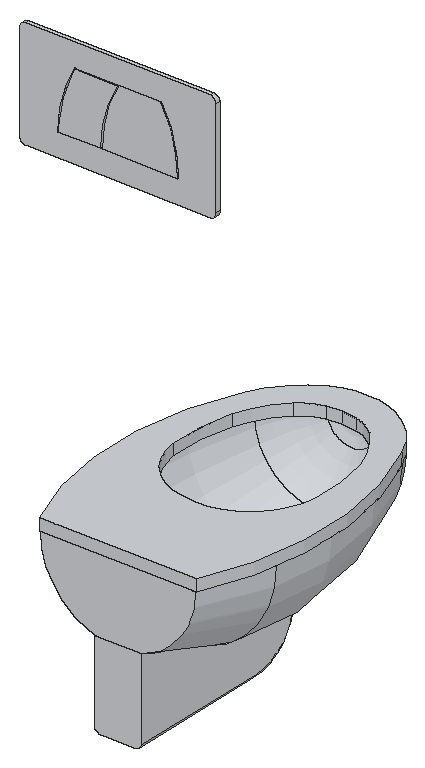
Revit family
Parameters (values of type "540 x 370mm")
  Seat Material = none
  Manufacturer = "Revit"
  Button Placement Height = 1000 mm
  Button Material = none
  Assembly Code = ""
Reference planes
  plane 1: y = 0
  plane 2 "Center (Left/Right)": x = 125
  plane 3 "Back": y = 75
Text (mm)
  text "Placement side" at (-1787.139, 592.35, 0), in view "Ref. Level"
  text "Placement side" at (0, 1827.695, 2917.686), in view "Left"
  text "Placement side" at (0, 562.268, 3853.606), in view "Right"
Dimensions and locks
  locked: plane 3 "Back" to host wall at 0
  "Button Placement Height": level to nested 1
  level to nested 2 = 430 mm
  aligned and locked: host wall to plane 1
  aligned and locked: plane 2 "Center (Left/Right)" to nested 1
  aligned and locked: plane 3 "Back" to nested 1
  aligned and locked: nested 2 to plane 3 "Back"
Nested families
  nested 1: "WC button" at (125, 75, 1000), type "340 x 190mm"
  nested 2: "WC seat_3" at (125, 75, 122.666), type "540 x 370mm"
Definition of nested family "WC button"
  Parameters (values of type "340 x 190mm")
    Material = none
    Manufacturer = "Revit"
    Assembly Code = "D2010"
  Reference planes
    plane 1 "Center (Front/Back)": y = 0
    plane 2: z = 0
    plane 3 "Center (Left/Right)": x = 0
  Forms (mm)
    Extrusion 1, solid, material <- "Material", detail levels medium+fine
      sketch origin (-125, 135, -900) x (1, 0, 0) y (0, 0, 1)
        loop
          line (285, 1090) -> (-35, 1090)
          arc (-35, 1090) -> (-42.071, 1087.071) -> (-45, 1080) r 10
          line (-45, 1080) -> (-45, 910)
          arc (-45, 910) -> (-42.071, 902.929) -> (-35, 900) r 10
          line (-35, 900) -> (285, 900)
          arc (285, 900) -> (292.071, 902.929) -> (295, 910) r 10
          line (295, 910) -> (295, 1080)
          arc (295, 1080) -> (292.071, 1087.071) -> (285, 1090) r 10
        loop
          line (200, 1050) -> (50, 1050)
          arc (50, 1050) -> (27.772, 996.971) -> (20, 940) r 220.643
          line (20, 940) -> (230, 940)
          arc (230, 940) -> (222.228, 996.971) -> (200, 1050) r 220.643
      from 127.675 to 135
    Extrusion 2, solid, material <- "Material", detail levels medium+fine
      sketch origin (-125, 135, -900) x (1, 0, 0) y (0, 0, 1)
        loop
          arc (228.993, 941) -> (221.207, 996.916) -> (199.424, 1049) r 219.643
          line (199.424, 1049) -> (127.112, 1049)
          arc (127.112, 1049) -> (105.33, 996.916) -> (97.543, 941) r 219.643
          line (97.543, 941) -> (228.993, 941)
        loop
          arc (50.576, 1049) -> (30.444, 996.464) -> (21.007, 941) r 285.457
          line (21.007, 941) -> (95.007, 941)
          arc (95.007, 941) -> (102.966, 996.998) -> (125.213, 1049) r 215.643
          line (125.213, 1049) -> (50.576, 1049)
      from 126.457 to 135
  Dimensions and locks
    locked: Extrusion 1 to Extrusion 1 at 190
    Extrusion 2 to Extrusion 2 to Extrusion 1 = 108 mm locked, 41 mm locked
    locked: Extrusion 1 to Extrusion 1 at 340
    locked: Extrusion 1 to Extrusion 1 at 7.325
    locked: Extrusion 2 to Extrusion 2 at 8.543
    aligned and locked: Extrusion 1 to Extrusion 2
    aligned and locked: Extrusion 1 to level
    aligned and locked: plane 1 "Center (Front/Back)" to Extrusion 1
Definition of nested family "WC seat_3"
  Parameters (values of type "540 x 370mm")
    Material = none
    Manufacturer = "Revit"
    Assembly Code = "D2010110"
  Reference planes
    plane 1 "Center (Front/Back)": y = 0
    plane 2: z = 0
    plane 3 "Center (Left/Right)": x = 0
    plane 4: y = -244.9
  Forms (mm)
    Extrusion 1, solid, material <- "Material"
      sketch origin (0, 0, 307.334) x (1, 0, 0) y (0, 1, 0)
        loop
          arc (-135.826, 0) -> (-184.788, -222.698) -> (-135.826, -445.395) r 530.936
          arc (-135.826, -445.395) -> (-103.297, -493.309) -> (-57.095, -528.225) r 177.786
          arc (-57.095, -528.225) -> (-29.379, -538.163) -> (0, -540.097) r 106.04
          arc (0, -540.097) -> (29.379, -538.163) -> (57.095, -528.225) r 106.04
          arc (57.095, -528.225) -> (103.297, -493.309) -> (135.826, -445.395) r 177.786
          arc (135.826, -445.395) -> (184.788, -222.698) -> (135.826, 0) r 530.936
          line (135.826, 0) -> (-135.826, 0)
        loop
          arc (0, -164.943) -> (-82.812, -194.682) -> (-122.895, -273.012) r 119.653
          arc (-122.895, -273.012) -> (-122.872, -329.692) -> (-111.937, -385.307) r 293.01
          arc (-111.937, -385.307) -> (-93.963, -426.143) -> (-66.545, -461.341) r 180.962
          arc (-66.545, -461.341) -> (-48.002, -474.979) -> (-26.24, -482.474) r 76.384
          arc (-26.24, -482.474) -> (-13.17, -484.4) -> (0, -485.431) r 193.749
          arc (0, -485.431) -> (13.17, -484.4) -> (26.24, -482.474) r 193.749
          arc (26.24, -482.474) -> (48.002, -474.979) -> (66.545, -461.341) r 76.384
          arc (66.545, -461.341) -> (93.963, -426.143) -> (111.937, -385.307) r 180.962
          arc (111.937, -385.307) -> (122.872, -329.692) -> (122.895, -273.012) r 293.01
          arc (122.895, -273.012) -> (82.812, -194.682) -> (0, -164.943) r 119.653
      from -20 to 0
    Blend 2, solid, material <- "Material"
      base sketch origin (0, -124.9, 287.334) x (0, 0, -1) y (-1, 0, 0)
        loop
          line (0, 175) -> (0, -175)
          arc (0, -175) -> (175, 0) -> (0, 175) r 175
      top sketch origin (0, -124.9, 287.334) x (0, 0, -1) y (-1, 0, 0)
        loop
          line (0, 134.95) -> (0, -135.05)
          arc (0, -135.05) -> (135, -0.05) -> (0, 134.95) r 135
      from 0 to 124.9
    Extrusion 3, solid, material <- "Material"
      sketch origin (0, 0, 307.334) x (0, 1, 0) y (0, 0, 1)
        loop
          arc (0, -149.936) -> (-167.199, -182.808) -> (-337.566, -179.507) r 799.626
          line (-337.566, -179.507) -> (-337.566, -207.334)
          arc (-337.566, -207.334) -> (-310.425, -272.859) -> (-244.9, -300) r 92.666
          line (-244.9, -300) -> (0, -300) -> (0, -149.936)
      from -41.163 to 41.173
    Sweep 4, void
      path origin (41.173, 0, 149.324) x (0, 0, 1) y (0, -1, 0)
        loop
          line (-14.324, 337.566) -> (-49.324, 337.566)
          arc (-49.324, 337.566) -> (-114.849, 310.425) -> (-141.99, 244.9) r 92.666
          line (-141.99, 244.9) -> (-141.99, 0)
      profile origin (0, -122.45, 0) x (0, 0, 1) y (1, 0, 0)
        loop
          line (26.442, 42.532) -> (26.442, 53.837) -> (-3.558, 53.837) -> (-3.558, -51.163) -> (26.442, -51.163) -> (26.442, -43.084) -> (22.334, -43.084)
          arc (22.334, -43.084) -> (11.727, -38.69) -> (7.334, -28.084) r 15
          line (7.334, -28.084) -> (7.334, 27.532)
          arc (7.334, 27.532) -> (11.727, 38.139) -> (22.334, 42.532) r 15
          line (22.334, 42.532) -> (26.442, 42.532)
    Revolve 5, solid, material <- "Material"
      sketch origin (0, 0, 287.334) x (1, 0, 0) y (0, 1, 0)
        loop
          arc (-175.703, -124.9) -> (-180.725, -288.254) -> (-135.826, -445.395) r 530.936
          arc (-135.826, -445.395) -> (-103.297, -493.309) -> (-57.095, -528.225) r 177.786
          arc (-57.095, -528.225) -> (-29.379, -538.163) -> (0, -540.097) r 106.04
          line (0, -540.097) -> (0, -515.459)
          arc (0, -515.459) -> (-23.494, -514.305) -> (-45.68, -506.489) r 81.488
          arc (-45.68, -506.489) -> (-85.502, -476.394) -> (-113.538, -435.097) r 153.234
          arc (-113.538, -435.097) -> (-156.641, -282.937) -> (-150.703, -124.9) r 506.385
          line (-150.703, -124.9) -> (-175.703, -124.9)
        axis (0, -540.097) -> (0, -124.9)
      angle from 0 to 180
  Cuts and joins
    Sweep 4 cuts Extrusion 1
    Sweep 4 cuts Blend 2
    Sweep 4 cuts Extrusion 3
  Lines and regions (mm)
    symbolic lines
      curve 1: arc (-135.826, 0, 0) -> (-184.788, -222.698, 0) -> (-135.826, -445.395, 0) r 530.936
      curve 2: arc (-135.826, -445.395, 0) -> (-103.297, -493.309, 0) -> (-57.095, -528.225, 0) r 177.786
      curve 3: arc (-57.095, -528.225, 0) -> (-29.379, -538.163, 0) -> (0, -540.097, 0) r 106.04
      curve 4: arc (0, -540.097, 0) -> (29.379, -538.163, 0) -> (57.095, -528.225, 0) r 106.04
      curve 5: arc (57.095, -528.225, 0) -> (103.297, -493.309, 0) -> (135.826, -445.395, 0) r 177.786
      curve 6: arc (135.826, -445.395, 0) -> (184.788, -222.698, 0) -> (135.826, 0, 0) r 530.936
      curve 7: line (135.826, 0, 0) -> (-135.826, 0, 0)
      curve 12: arc (0, -164.943, 0) -> (82.812, -194.682, 0) -> (122.895, -273.012, 0) r 119.653
      curve 13: arc (122.895, -273.012, 0) -> (122.872, -329.692, 0) -> (111.937, -385.307, 0) r 293.01
      curve 14: arc (111.937, -385.307, 0) -> (93.963, -426.143, 0) -> (66.545, -461.341, 0) r 180.962
      curve 15: arc (66.545, -461.341, 0) -> (48.002, -474.979, 0) -> (26.24, -482.474, 0) r 76.384
      curve 16: arc (26.24, -482.474, 0) -> (13.17, -484.4, 0) -> (0, -485.431, 0) r 193.749
      curve 17: arc (0, -485.431, 0) -> (-13.17, -484.4, 0) -> (-26.24, -482.474, 0) r 193.749
      curve 18: arc (-26.24, -482.474, 0) -> (-48.002, -474.979, 0) -> (-66.545, -461.341, 0) r 76.384
      curve 19: arc (-66.545, -461.341, 0) -> (-93.963, -426.143, 0) -> (-111.937, -385.307, 0) r 180.962
      curve 20: arc (-111.937, -385.307, 0) -> (-122.872, -329.692, 0) -> (-122.895, -273.012, 0) r 293.01
      curve 21: arc (-122.895, -273.012, 0) -> (-82.812, -194.682, 0) -> (0, -164.943, 0) r 119.653
    symbolic lines, detail levels medium+fine
      curve 8: arc (-63.827, -101.182, 0) -> (-71.563, -93.447, 0) -> (-79.298, -101.182, 0) r 7.735
      curve 9: arc (-79.298, -101.182, 0) -> (-71.563, -108.918, 0) -> (-63.827, -101.182, 0) r 7.735
      curve 10: arc (84.558, -101.182, 0) -> (76.822, -93.447, 0) -> (69.087, -101.182, 0) r 7.735
      curve 11: arc (69.087, -101.182, 0) -> (76.822, -108.918, 0) -> (84.558, -101.182, 0) r 7.735
      curve 22: arc (57.356, -315.041, 0) -> (0.005, -353.338, 0) -> (-57.346, -315.041, 0) r 62.091
      curve 23: arc (-57.346, -315.041, 0) -> (-60.2, -305.649, 0) -> (-61.163, -295.881, 0) r 50
      curve 24: line (-61.163, -295.881, 0) -> (-61.163, -275.357, 0)
      curve 25: arc (-61.163, -275.357, 0) -> (-55.305, -261.214, 0) -> (-41.163, -255.357, 0) r 20
      curve 26: line (-41.163, -255.357, 0) -> (41.173, -255.357, 0)
      curve 27: arc (41.173, -255.357, 0) -> (55.315, -261.214, 0) -> (61.173, -275.357, 0) r 20
      curve 28: line (61.173, -275.357, 0) -> (61.173, -295.881, 0)
      curve 29: arc (61.173, -295.881, 0) -> (60.21, -305.649, 0) -> (57.356, -315.041, 0) r 50
